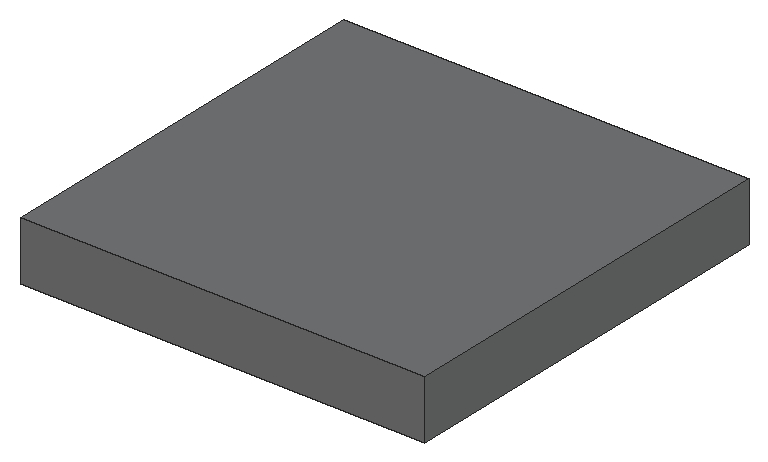
Revit family "Gira_5366600", category Electrical Fixtures, host Face, Revit 2017
Family settings
  Host = Face
  Maintain Annotation Orientation = No
  Round Connector Dimension = Use Diameter
  Part Type = Normal
  Cut with Voids When Loaded = No
  Shared = No
  Room Calculation Point = No
Parameters (values of type "S3000 Jal.- + Schaltuhr Display System 55 Edelstahl(lack.)")
  Werkstoffgüte = "sonstige"
  Werkstoff = "sonstige"
  URL = "http://katalog.gira.de/de_DE/datenblatt.html?artikelnr=5366600"
  Transparent = "No"
  Region = "DE"
  Oberfläche = "sonstige"
  Name = "S3000 Jal.- + Schaltuhr Display System 55 Edelstahl(lack.)"
  Mit LED-Anzeige = "Yes"
  Mit Abdeckung = "Yes"
  Manufacturer URL = "https://www.gira.de/"
  Keynote = "Sys55_Abdeckung_Schalten und Tasten"
  HeinzeBIM = "https://bimportal.heinze.de/bim/s3000-jal-schaltuhr-display-system-55-edelstahl-lack-/8676862f1f7e9f98e58c3504b14a8ab6883eff35"
  Halogenfrei = "No"
  HAN = "5366600"
  Geeignet für Schalteinsatz = "No"
  Geeignet für Jalousieeinsatz = "Yes"
  Geeignet für Dimmeinsatz = "No"
  GTIN = "4010337027485"
  Farbe = "edelstahl"
  Default Elevation = 1219.2 mm
  Data sheet (1) = "https://katalog.gira.de/de_DE/download.html?artikelnr=5366600"
  Category = "Bedienelement intelligent"
  Available = "Yes"
  Ausführung der Oberfläche = "nicht zutreffend"
  Anzahl der Tasten = "2 "
  Anzahl der Betätigungspunkte = "4 "
  Anwendung = "Steuern elektrischer Verbraucher"
  Anthrazit [instance] = Anthrazit
Reference planes
  plane 1 "Center (Front/Back)": y = 0
  plane 2: z = 0
  plane 3 "Center (Left/Right)": x = 0
Forms (mm)
  Extrusion 1, solid, material "Anthrazit" <- "Anthrazit", detail levels fine
    sketch origin (0, 0, 0) x (1, 0, 0) y (0, 1, 0)
      loop
        line (-27.5, 27.5) -> (-27.5, -27.5) -> (27.5, -27.5) -> (27.5, 27.5) -> (-27.5, 27.5)
    from 0 to 8
  Extrusion 2, void
    sketch origin (0, 0, 0) x (1, 0, 0) y (0, 1, 0)
      loop
        line (26, 26) -> (-26, 26) -> (-26, -26) -> (26, -26) -> (26, 26)
    from 0 to 6
  Extrusion 3, solid, material "Anthrazit" <- "Anthrazit", detail levels medium
    sketch origin (0, 0, 0) x (1, 0, 0) y (0, 1, 0)
      loop
        line (-27.5, 27.5) -> (-27.5, -27.5) -> (27.5, -27.5) -> (27.5, 27.5) -> (-27.5, 27.5)
    from 0 to 8
  Extrusion 4, solid, material "Anthrazit" <- "Anthrazit", detail levels medium
    sketch origin (0, 0, 0) x (1, 0, 0) y (0, 1, 0)
      loop
        line (11, -17.5) -> (11, 17.5) -> (-11, 17.5) -> (-11, -17.5) -> (11, -17.5)
    from -6 to 6
  Extrusion 5, solid, material "Anthrazit" <- "Anthrazit", detail levels fine
    sketch origin (0, 0, 0) x (1, 0, 0) y (0, 1, 0)
      loop
        line (11, 17.5) -> (-11, 17.5) -> (-11, 16.5) -> (11, 16.5) -> (11, 17.5)
      loop
        line (-11, -16.5) -> (-11, -17.5) -> (11, -17.5) -> (11, -16.5) -> (-11, -16.5)
    from -4 to 6
  Extrusion 6, solid, material "Anthrazit" <- "Anthrazit", detail levels fine
    sketch origin (0, 0, 0) x (1, 0, 0) y (0, 1, 0)
      loop
        arc (5, 9.347) -> (0, 10.6) -> (-5, 9.347) r 10.6
        line (-5, 9.347) -> (-5, -9.347)
        arc (-5, -9.347) -> (0, -10.6) -> (5, -9.347) r 10.6
        line (5, -9.347) -> (5, 9.347)
    from -6 to 6
  Extrusion 7, solid, material "Anthrazit" <- "Anthrazit", detail levels coarse
    sketch origin (0, 0, 0) x (1, 0, 0) y (0, 1, 0)
      loop
        line (-27.5, 27.5) -> (-27.5, -27.5) -> (27.5, -27.5) -> (27.5, 27.5) -> (-27.5, 27.5)
    from -6 to 8
Cuts and joins
  Extrusion 2 cuts Extrusion 1
Dimensions and locks
  aligned and locked: plane 2 to host face
  aligned and locked: level to host face
